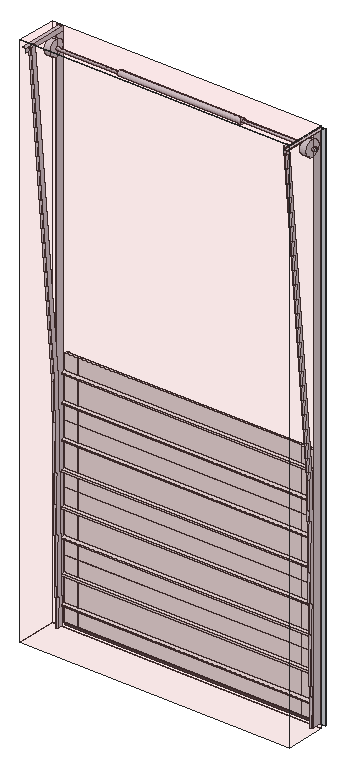
Revit family "Door_Overhead-Sectional_WayneDalton_Thermospan-Vertical-Lift", category Doors, host Wall, Revit 2014
Parameters (values of type "Thermospan 125")
  Water Penetration [instance] = "as Specified"
  Warranty Duration (Years) = 0
  Visual Light Transmittance = 0.1  # constant formula
  URL = "http://www.wayne-dalton.com/Pages/default.aspx"
  U Value = 0.093
  Type Comments = ""
  Track_Top of Track Offset from Headroom [instance] = 0' - 10"
  Track_Sideroom Side A [instance] = 0' - 5"
  Track_Sideroom Side B [instance] = 0' - 5"
  Track_Notes [instance] = "CONFIRM TRACK REQUIREMENTS WITH WAYNE DALTON"  # constant formula
  Track_Inset from Opening [instance] = 0' - 1 1/2"
  Track_Headroom [instance] = 17' - 8"
  Track_Depth [instance] = if(Track_3in, 0' 3", 0' 2")  # 0' - 2"
  Track_Breakaway Starts Below Opening By [instance] = 0' - 8"
  Track_Breakaway Angle [instance] = 5.00°
  Track_Base Depth [instance] = 0' - 4"
  Track_Backroom [instance] = 1' - 6"
  Track_3in [instance] = no
  Thickness = 0' - 0"  # constant formula
  Thermal Resistance (R) = 0.017611  # 0.1000 (h·ft²·°F)/BTU
  Structural Test Pressure [instance] = "as Specified"
  Standards Conformance = "STC Class 21  ;  OITC Class 18  ;  ASTM E 84 Class A  ;  UBC 17-5"
  Spring Size [instance] = 10000
  Specification = "http://www.arcat.com/sdspecs/htm04/08_36_13way.htm"
  SpecWizard = "http://www.arcat.com/specwizard/08360way/index04.htm"
  Solar Heat Gain Coefficient = 0.1  # constant formula
  Send Message = ""
  Seal Color [instance] = Plastic - Black
  Sales Information = "http://www.wayne-dalton.com/Pages/contact.aspx"
  STC Rating = 0
  Rough Width = 0' - 0"  # constant formula
  Rough Height = 0' - 0"  # constant formula
  Revision = "R1_2016-11"
  R-Value = 10.79
  Projection from Host [instance] = 0' - 0"
  Product Properties = ""
  Product Data = "http://www.arcat.com/arcatcos/cos36/arc36462.html"
  Panel Width [instance] = Opening Width + (0' 1" * 2)  # 8' - 2"
  Panel Thickness = 0' - 0 7/8"
  Operation = "as Specified"
  Opening Width [instance] = 8' - 0"
  Opening Height [instance] = 8' - 0"
  Mount to Wood [instance] = yes
  Mount to Steel or Masonry [instance] = no
  Model = "Thermospan 125"
  Max Width = 16' - 2.0004"
  Max Height = 16' - 0.9996"
  Manufacturer Website = "http://www.wayne-dalton.com/Pages/default.aspx"
  Manufacturer Phone - Toll Free = "800-827-3667"
  Manufacturer Phone = ""
  Manufacturer Fax = ""
  Manufacturer Address = "2501 S. State Highway 121 Business,  Suite 200,  Lewisville, TX 75067"
  Manufacturer = "Wayne Dalton"
  Maintenance Schedule (Months) = 0
  Keynote = "08 36 13"
  Interior Finish [instance] = Metal - Steel - Wayne Dalton - White Embossed Stucco
  Installation-Fabrication = ""
  Installation Phase = ""
  Impact Resistance [instance] = "as Specified"
  Height = 0' - 0"  # constant formula
  Heat Transfer Coefficient (U) = 0.56783  # 0.1000 BTU/(h·ft²·°F)
  Green Building-LEED = ""
  Glazing Tint [instance] = Glass - Wayne Dalton - as Specified
  Function = Interior
  Frame Finish [instance] = none
  Fire Rating = "as Specified"
  Fire Performance = "Flash Ignition 734 F  ;  Self Ignition 950"
  Exterior Finish [instance] = Metal - Steel - Wayne Dalton - White Embossed Stucco
  Expected Lifespan (Years) = 0
  Drum_Locate Vertically [instance] = 17' - 1"
  Drum_Locate Depth [instance] = 0' - 5"
  Drawn By = "Sumex Design, Inc. / Robert S. Weygant, CSI, CDT, SCIP"
  Door Panel Type [instance] = Door-Panel_Overhead-Sectional_WayneDalton_Thermospan : No Vision
  Door Operation [instance] = "[Manual][Motorized]"
  Description = "Wayne Dalton Insulated Overhead Sectional Door - Thermospan 125 as Specified"
  Wall Closure = By host
  Width = 0' - 0"  # constant formula
  Cost = 0
  Copyright = "©Arcat Inc."
  Construction Type = ""
  Construction Details = ""
  Clearance Visible [instance] = yes
  Clearance Material [instance] = ARCAT Clearance
  Available Options [instance] = "as Specified"
  Assembly Code = "B2030410"
  Analytic Construction = "<None>"
  Air Infiltration = "as Specified"
Types (4): name | U Value | Standards Conformance | R-Value | Panel Thickness | Model | Max Width | Max Height | Description | Air Infiltration
  Thermospan 150 | 0.07 | "STC Class 22  ;  OITC Class 19  ;  ASTM E 84 Class A  ;  UBC 17-5" | 14.16 | 0' - 1 3/8" | "Thermospan 150" | 26' - 2.0004" | 20' - 0.9996" | "Wayne Dalton Insulated Overhead Sectional Door - Thermospan 150 as Specified" | "0.23 cfm/ft^2 at 15 MPH"
  Thermospan 125 | 0.093 | "STC Class 21  ;  OITC Class 18  ;  ASTM E 84 Class A  ;  UBC 17-5" | 10.79 | 0' - 0 7/8" | "Thermospan 125" | 16' - 2.0004" | 16' - 0.9996" | "Wayne Dalton Insulated Overhead Sectional Door - Thermospan 125 as Specified" | "as Specified"
  Thermospan 200-20 | 0.57 | "STC Class 22  ;  OITC Class 19  ;  ASTM E 84 Class A  ;  UBC 17-5" | 17.5 | 0' - 2" | "Thermospan 200-20" | 24' - 2.0004" | 16' - 0.9996" | "Wayne Dalton Insulated Overhead Sectional Door - Thermospan 200-200 as Specified" | "0.07 cfm/ft^2"
  Thermospan 200 | 0.57 | "STC Class 22  ;  OITC Class 19  ;  ASTM E 84 Class A  ;  UBC 17-5" | 17.5 | 0' - 2" | "Thermospan 200" | 40' - 2.0004" | 32' - 0.9996" | "Wayne Dalton Insulated Overhead Sectional Door - Thermospan 200 as Specified" | "0.07 cfm/ft^2"
Reference planes (in)
  plane 1 "Center (Front/Back)": y = 1.6426
  plane 2: z = 0
  plane 3 "Center (Left/Right)": x = -0.5
  plane 4 "Left": x = -48.5
  plane 5 "Right": x = 47.5
  plane 6 "Bottom": z = 0
  plane 7 "Wall Interior": y = -1.3574
  plane 8 "Wall Exterior": y = 4.6426
  plane 9: z = 96
  plane 10: x = -50
  plane 11: x = 49
  plane 12: y = -1.3574
  plane 13: x = -53.5
  plane 14: x = 52.5
  plane 15: z = 212
  plane 16: x = -24.5
  plane 17: x = 23.5
  plane 18: y = -6.3574
Forms (in)
  Extrusion 1, solid, material "ARCAT Clearance" <- "Clearance Material", visible <- "Clearance Visible"
    sketch origin (-0.5, 0, 0) x (0, 1, 0) y (0, 0, 1)
      loop
        line (-3.3574, 0) -> (-3.3574, 212) -> (-19.3574, 212) -> (-19.3574, 0) -> (-3.3574, 0)
    from -53 to 53
  Revolve 2, solid, material <- "Frame Finish"
    sketch origin (180, -6.3574, 112.12676) x (0, 0, 1) y (1, 0, 0)
      loop
        line (92.87324, -233.5) -> (93.37324, -233.5) -> (93.37324, -232) -> (95.87324, -232) -> (95.87324, -229.5) -> (93.37324, -229.5) -> (93.37324, -204.5) -> (93.87324, -204.5) -> (93.87324, -156.5) -> (93.37324, -156.5) -> (93.37324, -131.5) -> (95.87324, -131.5) -> (95.87324, -129) -> (93.37324, -129) -> (93.37324, -127.5) -> (92.87324, -127.5) -> (92.87324, -233.5)
      axis (92.87324, -127.5) -> (92.87324, -233.5)
    angle from 0 to 360
Lines and regions (in)
  Opening 1
    outline origin (-60, -1.3574, 0) x (1, 0, 0) y (0, 0, 1)
      loop
        line (11.5, 0) -> (107.5, 0) -> (59.5, 0) -> (11.5, 0)
  Opening 2
    outline origin (-60, -1.3574, 0) x (1, 0, 0) y (0, 0, 1)
      loop
        line (11.5, 96) -> (11.5, 0) -> (107.5, 0) -> (107.5, 96) -> (11.5, 96)
Text (in)
  text "EXTERIOR" at (-58.6888, 13.80127, 0), in view "Plan"
  text "INTERIOR" at (-58.6888, -8.43329, 0), in view "Plan"
  text "Exterior" at (0, 43.65631, 123.19604), in view "Left"
  text "Exterior" at (0, 18.29385, 125.04747), in view "Right"
Dimensions and locks (in)
  equal spacing: plane 4 "Left", plane 3 "Center (Left/Right)", plane 5 "Right"
  "Opening Width": plane 4 "Left" to plane 5 "Right"
  "Opening Height": plane 9 to plane 6 "Bottom"
  "Track_Inset from Opening": plane 10 to plane 4 "Left"
  "Track_Inset from Opening": plane 5 "Right" to plane 11
  "Projection from Host": plane 7 "Wall Interior" to plane 12
  "Track_Sideroom Side A": plane 5 "Right" to plane 14
  "Track_Sideroom Side B": plane 13 to plane 4 "Left"
  "Track_Headroom": plane 6 "Bottom" to Extrusion 1 sketch curve
  "Track_Backroom": Extrusion 1 sketch curve to plane 12
  "Track_Headroom": plane 15 to plane 6 "Bottom"
  equal spacing: plane 4 "Left", plane 16, plane 3 "Center (Left/Right)"
  equal spacing: plane 5 "Right", plane 17, plane 3 "Center (Left/Right)"
  "Drum_Locate Depth": plane 18 to plane 12
  locked: Extrusion 1 sketch curve to plane 12 at 2
  "Drum_Locate Vertically": Revolve 2 sketch curve to plane 6 "Bottom"
  Revolve 2 sketch curve to Revolve 2 sketch curve to Revolve 2 sketch curve to Revolve 2 sketch curve to Revolve 2 sketch curve = 0' - 2" locked, 0' - 0 1/2" locked, 0' - 0" locked, 0' - 0 1/2" locked
  Revolve 2 sketch curve to Revolve 2 sketch curve to Revolve 2 sketch curve to Revolve 2 sketch curve = 0' - 2 1/2" locked, 0' - 0" locked, 0' - 0 1/2" locked
  aligned and locked: plane 2 to level
  aligned and locked: plane 6 "Bottom" to plane 2
  aligned and locked: host wall to plane 1 "Center (Front/Back)"
  aligned and locked: plane 7 "Wall Interior" to host wall
  aligned and locked: plane 8 "Wall Exterior" to host wall
  aligned and locked: Opening 2 sketch curve to plane 9
  aligned and locked: Opening 2 sketch curve to plane 4 "Left"
  aligned and locked: Opening 2 sketch curve to plane 6 "Bottom"
  aligned and locked: plane 5 "Right" to Opening 2 sketch curve
  aligned and locked: nested 1 to plane 10
  aligned and locked: nested 2 to plane 11
  aligned and locked: plane 14 to Extrusion 1
  aligned and locked: Extrusion 1 to plane 13
  aligned and locked: plane 16 to Revolve 2 sketch curve
  aligned and locked: plane 17 to Revolve 2 sketch curve
  aligned and locked: plane 14 to Revolve 2 sketch curve
  aligned and locked: plane 13 to Revolve 2 sketch curve
  aligned and locked: nested 3 to plane 12
  aligned and locked: plane 3 "Center (Left/Right)" to nested 3
  aligned and locked: nested 1 to plane 12
  aligned and locked: Revolve 2 sketch curve to Revolve 2 sketch curve
  aligned and locked: plane 12 to nested 2
Automatic sketch dimensions
  Opening 1 sketch curve to plane 3 "Center (Left/Right)" = 0' - 0"  (x2)
  Opening 1 sketch curve to level = 0' - 0"
  plane 4 "Left" to Opening 1 sketch curve = 0' - 0"
  plane 5 "Right" to Opening 1 sketch curve = 0' - 0"
  Extrusion 1 sketch curve to level = 0' - 0"
  plane 13 to Revolve 2 sketch curve = 0' - 0"
  plane 14 to Revolve 2 sketch curve = 0' - 0"
  Revolve 2 sketch curve to Revolve 2 sketch curve = 0' - 1 1/2"
  plane 10 to Revolve 2 sketch curve = 0' - 0 1/2"
  Revolve 2 sketch curve to plane 11 = 0' - 0 1/2"
  Revolve 2 sketch curve to plane 14 = 0' - 1 1/2"
Nested families (in)
  nested 1: "Track_SectionalDoor_Vertical" at (-50, -12.26585, 0), Opening Height <- "Opening Height", Mount to Wood <- "Mount to Wood", Mount to Steel or Concrete <- "Mount to Steel or Masonry", Track_3in <- "Track_3in", Track Material <- "Frame Finish", Backroom <- "Track_Backroom", Track Offset Below Opening <- "Track_Breakaway Starts Below Opening By", Top of Track Offset from Headroom Extent <- "Track_Top of Track Offset from Headroom", type "ByType"
    with VertSlope 1.19349°, Vert Travel 0' - 5.83333", Vert Overall 0' - 9.83333", Track_3in no, TrackOffset 0' - 0", TrackHeight 25' - 8", Track Offset Below Opening 0' - 8", Track Material none, Track Depth 0' - 4", TopLength 18' - 4", Top of Track Offset from Headroom Extent 0' - 10", Opening Height 8' - 0", Mount to Wood yes, Mount to Steel or Concrete no, Breakaway yes, BaseOffset 0' - 1.83333", Backroom_Calc 1' - 6", Backroom 1' - 6"
  nested 2: "Track_SectionalDoor_Vertical" at (49, -12.26585, 0) x (-1, 0, 0) z (0, 0, 1), Opening Height <- "Opening Height", Mount to Wood <- "Mount to Wood", Mount to Steel or Concrete <- "Mount to Steel or Masonry", Track_3in <- "Track_3in", Track Material <- "Frame Finish", Backroom <- "Track_Backroom", Track Offset Below Opening <- "Track_Breakaway Starts Below Opening By", Top of Track Offset from Headroom Extent <- "Track_Top of Track Offset from Headroom", type "ByType"
    with VertSlope 1.19349°, Vert Travel 0' - 5.83333", Vert Overall 0' - 9.83333", Track_3in no, TrackOffset 0' - 0", TrackHeight 25' - 8", Track Offset Below Opening 0' - 8", Track Material none, Track Depth 0' - 4", TopLength 18' - 4", Top of Track Offset from Headroom Extent 0' - 10", Opening Height 8' - 0", Mount to Wood yes, Mount to Steel or Concrete no, Breakaway yes, BaseOffset 0' - 1.83333", Backroom_Calc 1' - 6", Backroom 1' - 6"
  nested 3: "Door-Panel_Overhead-Sectional_WayneDalton_Thermospan" at (-0.5, -1.3574, 0), Unit Width <- "Panel Width", Unit Height <- "Opening Height", Seal Color <- "Seal Color", Glazing Tint <- "Glazing Tint", Exterior Finish <- "Exterior Finish", type <- "Door Panel Type", Interior Finish <- "Interior Finish", Panel Thickness <- "Panel Thickness", type "No Vision"
    with Unit Width 8' - 2", Unit Height 8' - 0", Specific Section Heights no, Section Panel J Height_Control 0' - 6", Section Panel J Height 1' - 9", Section Panel I Height_Control 0' - 6", Section Panel I Height 1' - 9", Section Panel H Height_Control 0' - 6", Section Panel H Height 1' - 9", Section Panel G Height_Control 0' - 6", Section Panel G Height 1' - 9", Section Panel F Height_Control 0' - 6", Section Panel F Height 1' - 9", Section Panel E Height_Control 0' - 6", Section Panel E Height 1' - 9", Section Panel D Height_Control 1' - 11 11/16", Section Panel D Height 1' - 9", Section Panel C Height_Control 1' - 11 11/16", Section Panel C Height 1' - 9", Section Panel B Height_Control 1' - 11 11/16", Section Panel B Height 1' - 9", Section Panel A Height_Control 1' - 11 11/16", Section Panel A Height 1' - 9", Seal Color Plastic - Black, Panel Thickness 0' - 0 7/8", Panel J Visibility no, Panel J Type SectionalPanelRibbedSection : as Specified, Panel I Visibility no, Panel I Type SectionalPanelRibbedSection : as Specified, Panel H Visibility no, Panel H Type SectionalPanelRibbedSection : as Specified, Panel G Visibility no, Panel G Type SectionalPanelRibbedSection : as Specified, Panel F Visibility no, Panel F Type SectionalPanelRibbedSection : as Specified, Panel E Visibility no, Panel E Type SectionalPanelRibbedSection : as Specified, Panel D Visibility yes, Panel D Type SectionalPanelRibbedSection : as Specified, Panel C Visibility yes, Panel C Type SectionalPanelRibbedSection : as Specified, Panel B Visibility yes, Panel B Type SectionalPanelRibbedSection : as Specified, Panel A Visibility yes, Panel A Type SectionalPanelRibbedSection : as Specified, Number of Sections 4, Interior Finish Metal - Steel - Wayne Dalton - White Embossed Stucco, Glazing Type "as Specified", Glazing Tint Glass - Wayne Dalton - as Specified, Glazing Thickness 0' - 0 1/4", Generic_Evenly Divided Sections yes, Exterior Finish Metal - Steel - Wayne Dalton - White Embossed Stucco, End Stile Width 0' - 5", Bottom Seal Height 0' - 1 1/4"
Definition of nested family "Track_SectionalDoor_Vertical"
  Parameters (values of type "ByType")
    Width = 0' - 0"  # constant formula
    Warranty Duration (Years) = 0
    VertSlope [instance] = atan(0.25 / 12)  # 1.19349°
    Vert Travel [instance] = if(Breakaway, Track Depth + (Opening Height - Track Offset Below Opening) * tan(VertSlope), (Opening Height + (Opening Height + 2' 4")) * tan(VertSlope))  # 0' - 5.83333"
    Vert Overall [instance] = Vert Travel + Track Depth  # 0' - 9.83333"
    URL = ""
    TrackOffset [instance] = if(Track_3in, -0' 1", 0' 0")  # 0' - 0"
    TrackHeight [instance] = TopLength + (Opening Height - Track Offset Below Opening)  # 25' - 8"
    Track Offset Below Opening [instance] = 0' - 8"
    Track Material [instance] = none
    Track Depth [instance] = 0' - 4"  # constant formula
    TopLength [instance] = Opening Height + (Opening Height + 2' 4")  # 18' - 4"
    Top of Track Offset from Headroom Extent [instance] = 0' - 9.58403"
    Thickness = 0' - 0"  # constant formula
    Rough Width = 0' - 0"  # constant formula
    Rough Height = 0' - 0"  # constant formula
    Opening Height [instance] = 8' - 0"
    Mount to Wood [instance] = yes
    Mount to Steel or Concrete [instance] = yes
    Model = ""
    Manufacturer = ""
    Maintenance Schedule (Months) = 0
    Keynote = ""
    Installation Phase = ""
    Height = 0' - 0"  # constant formula
    Expected Lifespan (Years) = 0
    Drawn By = "Sumex Design, Inc. / Robert S. Weygant, CSI, CDT, SCIP"
    Description = ""
    Default Elevation = 0' - 0"  # constant formula
    Breakaway [instance] = yes
    BaseOffset [instance] = (Opening Height - Track Offset Below Opening) * tan(VertSlope)  # 0' - 1.83333"
    Track_3in [instance] = no
    Backroom_Calc [instance] = if(Breakaway, Backroom, Vert Overall)  # 1' - 4 7/8"
    Backroom [instance] = 1' - 4 7/8"
    Assembly Code = ""
  Reference planes (in)
    plane 1 "Center (Front/Back)": y = 10.90846
    plane 2: z = 0
    plane 3 "Center (Left/Right)": x = 0
    plane 4: z = 0
    plane 5: z = 0
    plane 6: z = 0
    plane 7: z = 0
    plane 8: z = 0
    plane 9: y = 1.07512
    plane 10 "Bracket": x = -1
    plane 11: z = 96
    plane 12: z = 220
    plane 13: y = 6.90846
    plane 14: z = 88
    plane 15: y = -5.96654
    plane 16: z = 210.41597
  Forms (in)
    Sweep 1, solid, material <- "Track Material"
      path origin (-1, 4.05509, 48) x (0, 1, 0) y (0, 0, 1)
        loop
          line (2.85335, -47.99915) -> (1.02003, 40) -> (-9.21994, 162.41597)
      profile "P_Track : P_Track" origin (-1, 5.99178, 44.00043) x (0, -0.999783, -0.020829) y (1, 0, 0)
        loop
          line (-2, 1) -> (-2, 0) -> (-0.62484, 0) -> (-0.20263, 0.18798)
          arc (-0.20263, 0.18798) -> (0, 0.5) -> (-0.20263, 0.81202) r 0.34155
          line (-0.20263, 0.81202) -> (-0.62484, 1) -> (-0.9375, 1) -> (-2, 1)
    Extrusion 2, solid, material <- "Track Material", visible <- "Mount to Wood"
      sketch origin (0, 0, 0) x (1, 0, 0) y (0, 1, 0)
        loop
          line (-1, 10.90846) -> (-3.25, 10.90846) -> (-3.25, 10.78346) -> (-1.125, 10.78346) -> (-1.125, 7.65846) -> (-1, 7.65846) -> (-1, 10.90846)
      from 0 to 210.41597
    Sweep 3, solid, material <- "Track Material"
      path origin (-1, 4.05509, 48) x (0, 1, 0) y (0, 0, 1)
        loop
          line (-10.02163, 162.41597) -> (6.72837, 162.41597)
      profile origin (-1, 2.40846, 210.41597) x (0, 0, 1) y (1, 0, 0)
        loop
          line (0, 0) -> (-1.48699, 0) -> (-1.48699, -0.125) -> (-0.11199, -0.125) -> (-0.11199, -1.5) -> (0, -1.5) -> (0, 0)
    Extrusion 4, solid, material <- "Track Material", visible <- "Mount to Steel or Concrete"
      sketch origin (-2, 0, 0) x (-1, 0, 0) y (0, -1, 0)
        loop
          line (-0.875, -10.90846) -> (-0.875, -7.65846) -> (-1, -7.65846) -> (-1, -10.78346) -> (-3.125, -10.78346) -> (-3.125, -10.90846) -> (-0.875, -10.90846)
      from 0 to 210.41597
  Lines and regions (in)
    reference lines
      curve 1: line (-1, 6.90846, 0) -> (-1, 3.95076, 141.96919)
      curve 2: line (-1, 5.07512, 88) -> (-1, -5.96654, 220)
      curve 3: line (-1, 5.07512, 88) -> (-1, 3.08208, 87.83328)
  Dimensions and locks (in)
    equal spacing: plane 4, plane 5, plane 6, plane 7, plane 8, level
    "Height": plane 4 to level
    locked: plane 10 "Bracket" to plane 3 "Center (Left/Right)" at 1
    "Opening Height": plane 11 to level
    "Vert Overall": plane 1 "Center (Front/Back)" to plane 9
    "Track Depth": plane 13 to plane 1 "Center (Front/Back)"
    "TopLength": plane 12 to level
    "Track Offset Below Opening": plane 11 to plane 14
    "Backroom_Calc": plane 15 to plane 1 "Center (Front/Back)"
    "Top of Track Offset from Headroom Extent": plane 12 to plane 16
    Extrusion 4 sketch curve to plane 10 "Bracket" to Extrusion 4 sketch curve = 0' - 0 1/8" locked, 0' - 2 1/8" locked
    locked: Extrusion 4 sketch curve to plane 13 at 0.75
    "VertSlope": angle curve 1 to plane 13
    aligned and locked: curve 1 to Sweep 1 sketch curve
    aligned and locked: Sweep 1 sketch curve to curve 2
    aligned and locked: plane 12 to curve 2
    aligned and locked: curve 2 to plane 15
    aligned and locked: plane 16 to Extrusion 2
    aligned and locked: Sweep 3 sketch curve to plane 16
    aligned and locked: plane 15 to Sweep 3 sketch curve
    aligned and locked: plane 16 to Sweep 1 sketch curve
    aligned and locked: plane 16 to Extrusion 4
  Automatic sketch dimensions
    Sweep 1 sketch curve to plane 13 = 0' - 0"
    curve 2 to plane 14 = 0' - 0"
    curve 1 to level = 0' - 0"
    curve 1 to plane 13 = 0' - 0"
    plane 1 "Center (Front/Back)" to Extrusion 2 sketch curve = 0' - 0"
    Extrusion 2 sketch curve to plane 10 "Bracket" = 0' - 0"
    Extrusion 2 sketch curve to Extrusion 2 sketch curve = 0' - 0 1/8"
    Extrusion 2 sketch curve to Extrusion 2 sketch curve = 0' - 2 1/8"
    plane 1 "Center (Front/Back)" to Extrusion 2 sketch curve = 0' - 0 1/8"
    plane 13 to Extrusion 2 sketch curve = 0' - 0 3/4"
    plane 1 "Center (Front/Back)" to Sweep 3 sketch curve = 0' - 0 1/8"
    plane 10 "Bracket" to Sweep 3 sketch curve = 0' - 0"
    Sweep 3 sketch curve to profile plane = 0' - 0"
    profile plane to Sweep 3 sketch curve = 0' - 0.11199"
    Sweep 3 sketch curve to plane 10 "Bracket" = 0' - 0 1/8"
    Sweep 3 sketch curve to Sweep 3 sketch curve = 0' - 1 3/8"  (x2)
    curve 3 to curve 2 = 0' - 0"  (x2)
    curve 2 to curve 3 = 0' - 2"
    plane 1 "Center (Front/Back)" to Extrusion 4 sketch curve = 0' - 0"
    Extrusion 4 sketch curve to plane 10 "Bracket" = 0' - 0"
    Extrusion 4 sketch curve to plane 1 "Center (Front/Back)" = 0' - 0 1/8"
Definition of nested family "Door-Panel_Overhead-Sectional_WayneDalton_Thermospan"
  Parameters (values of type "No Vision")
    Width = 0' - 0"  # constant formula
    Warranty Duration (Years) = 0
    Unit Width [instance] = 10' - 0"
    Unit Height [instance] = 8' - 0"
    URL = ""
    Type Comments = "Customize Panel with parameters and Panel Section instance parameters."  # constant formula
    Thickness = 0' - 0"  # constant formula
    Specification = ""
    Specific Section Heights [instance] = not(Generic_Evenly Divided Sections)  # no
    SpecWizard = ""
    Send Message = ""
    Section Panel J Height_Control [instance] = if(not(Panel J Visibility), 0' 6", if(Generic_Evenly Divided Sections, (Unit Height - Bottom Seal Height) / Number of Sections, Section Panel J Height))  # 0' - 6"
    Section Panel J Height [instance] = 1' - 9"
    Section Panel I Height_Control [instance] = if(not(Panel I Visibility), 0' 6", if(Generic_Evenly Divided Sections, (Unit Height - Bottom Seal Height) / Number of Sections, Section Panel I Height))  # 0' - 6"
    Section Panel I Height [instance] = 1' - 9"
    Section Panel H Height_Control [instance] = if(not(Panel H Visibility), 0' 6", if(Generic_Evenly Divided Sections, (Unit Height - Bottom Seal Height) / Number of Sections, Section Panel H Height))  # 0' - 6"
    Section Panel H Height [instance] = 1' - 9"
    Section Panel G Height_Control [instance] = if(not(Panel G Visibility), 0' 6", if(Generic_Evenly Divided Sections, (Unit Height - Bottom Seal Height) / Number of Sections, Section Panel G Height))  # 0' - 6"
    Section Panel G Height [instance] = 1' - 9"
    Section Panel F Height_Control [instance] = if(not(Panel F Visibility), 0' 6", if(Generic_Evenly Divided Sections, (Unit Height - Bottom Seal Height) / Number of Sections, Section Panel F Height))  # 0' - 6"
    Section Panel F Height [instance] = 1' - 9"
    Section Panel E Height_Control [instance] = if(not(Panel E Visibility), 0' 6", if(Generic_Evenly Divided Sections, (Unit Height - Bottom Seal Height) / Number of Sections, Section Panel E Height))  # 0' - 6"
    Section Panel E Height [instance] = 1' - 9"
    Section Panel D Height_Control [instance] = if(not(Panel D Visibility), 0' 6", if(Generic_Evenly Divided Sections, (Unit Height - Bottom Seal Height) / Number of Sections, Section Panel D Height))  # 1' - 11 11/16"
    Section Panel D Height [instance] = 1' - 9"
    Section Panel C Height_Control [instance] = if(not(Panel C Visibility), 0' 6", if(Generic_Evenly Divided Sections, (Unit Height - Bottom Seal Height) / Number of Sections, Section Panel C Height))  # 1' - 11 11/16"
    Section Panel C Height [instance] = 1' - 9"
    Section Panel B Height_Control [instance] = if(not(Panel B Visibility), 0' 6", if(Generic_Evenly Divided Sections, (Unit Height - Bottom Seal Height) / Number of Sections, Section Panel B Height))  # 1' - 11 11/16"
    Section Panel B Height [instance] = 1' - 9"
    Section Panel A Height_Control [instance] = if(not(Panel A Visibility), 0' 6", if(Generic_Evenly Divided Sections, (Unit Height - Bottom Seal Height) / Number of Sections, Section Panel A Height))  # 1' - 11 11/16"
    Section Panel A Height [instance] = 1' - 9"
    Seal Color [instance] = none
    Sales Information = ""
    Rough Width = 0' - 0"  # constant formula
    Rough Height = 0' - 0"  # constant formula
    Revision = "R1_2016-07"
    Product Properties = ""
    Product Data = ""
    Panel Thickness [instance] = 0' - 2"
    Panel J Visibility [instance] = Number of Sections > 9  # no
    Panel J Type [instance] = SectionalPanelRibbedSection : as Specified
    Panel I Visibility [instance] = Number of Sections > 8  # no
    Panel I Type [instance] = SectionalPanelRibbedSection : as Specified
    Panel H Visibility [instance] = Number of Sections > 7  # no
    Panel H Type [instance] = SectionalPanelRibbedSection : as Specified
    Panel G Visibility [instance] = Number of Sections > 6  # no
    Panel G Type [instance] = SectionalPanelRibbedSection : as Specified
    Panel F Visibility [instance] = Number of Sections > 5  # no
    Panel F Type [instance] = SectionalPanelRibbedSection : as Specified
    Panel E Visibility [instance] = Number of Sections > 4  # no
    Panel E Type [instance] = SectionalPanelRibbedSection : as Specified
    Panel D Visibility [instance] = Number of Sections > 3  # yes
    Panel D Type [instance] = SectionalPanelRibbedSection : as Specified
    Panel C Visibility [instance] = Number of Sections > 2  # yes
    Panel C Type [instance] = SectionalPanelRibbedSection : as Specified
    Panel B Visibility [instance] = Number of Sections > 1  # yes
    Panel B Type [instance] = SectionalPanelRibbedSection : as Specified
    Panel A Visibility [instance] = Number of Sections > 0  # yes
    Panel A Type [instance] = SectionalPanelRibbedSection : as Specified
    Number of Sections [instance] = if(Unit Height < 8' 2", 4, if(Unit Height < 10' 2", 5, if(Unit Height < 12' 2", 6, if(Unit Height < 14' 2", 7, if(Unit Height < 16' 2", 8, if(Unit Height < 18' 2", 9, if(Unit Height < 20' 2", 10, 10)))))))  # 4
    Model = ""
    Manufacturer Website = ""
    Manufacturer Phone - Toll Free = ""
    Manufacturer Phone = ""
    Manufacturer Fax = ""
    Manufacturer Address = ""
    Manufacturer = ""
    Maintenance Schedule (Months) = 0
    Keynote = ""
    Interior Finish [instance] = none
    Installation-Fabrication = ""
    Installation Phase = ""
    Height = 0' - 0"  # constant formula
    Green Building-LEED = ""
    Glazing Type [instance] = "as Specified"
    Glazing Tint [instance] = none
    Glazing Thickness [instance] = 0' - 0 1/4"
    Generic_Evenly Divided Sections [instance] = yes
    Exterior Finish [instance] = none
    Expected Lifespan (Years) = 0
    End Stile Width [instance] = 0' - 5"
    Drawn By = "Sumex Design, Inc. / Robert S. Weygant, CSI, CDT, SCIP"
    Description = ""
    Default Elevation = 0' - 0"  # constant formula
    Cost = 0
    Copyright = "©Arcat Inc."
    Construction Details = ""
    Bottom Seal Height [instance] = 0' - 1 1/4"
    Assembly Code = "B2030410"
  Reference planes (in)
    plane 1 "Center (Front/Back)": y = 0
    plane 2 "Bottom": z = 0
    plane 3 "Center (Left/Right)": x = 0
    plane 4 "Left": x = -60
    plane 5 "Right": x = 60
    plane 6: z = 24.9375
    plane 7: z = 48.625
    plane 8: z = 72.3125
    plane 9: z = 96
    plane 10: z = 102
    plane 11: z = 108
    plane 12: z = 114
    plane 13: z = 120
    plane 14: z = 1.25
    plane 15: y = -2
    plane 16: z = 126
    plane 17: z = 132
  Forms (in)
    Extrusion 1, solid, material <- "Seal Color"
      sketch origin (0, 0, 0) x (0, 1, 0) y (0, 0, 1)
        loop
          line (-0.125, 0.75) -> (-0.125, 1.25) -> (-1.875, 1.25) -> (-1.875, 0.75)
          spline (-1.875, 0.75) -> (-1.84519, 0.55589) -> (-1.75777, 0.375) -> (-1.61872, 0.21967) -> (-1.4375, 0.10048) -> (-1.22647, 0.02556) -> (-1, 0) -> (-0.77353, 0.02556) -> (-0.5625, 0.10048) -> (-0.38128, 0.21967) -> (-0.24223, 0.375) -> (-0.15481, 0.55589) -> (-0.125, 0.75)
      from -60 to 60
  Dimensions and locks (in)
    equal spacing: plane 4 "Left", plane 3 "Center (Left/Right)", plane 5 "Right"
    "Unit Width": plane 4 "Left" to plane 5 "Right"
    "Section Panel A Height_Control": plane 6 to plane 14
    "Section Panel B Height_Control": plane 7 to plane 6
    "Section Panel C Height_Control": plane 8 to plane 7
    "Section Panel D Height_Control": plane 9 to plane 8
    "Section Panel E Height_Control": plane 10 to plane 9
    "Section Panel F Height_Control": plane 11 to plane 10
    "Section Panel G Height_Control": plane 12 to plane 11
    "Section Panel H Height_Control": plane 13 to plane 12
    "Bottom Seal Height": plane 14 to plane 2 "Bottom"
    locked: plane 14 to Extrusion 1 sketch curve at 0.5  (x2)
    locked: plane 2 "Bottom" to Extrusion 1 sketch curve at 0
    locked: Extrusion 1 sketch curve to plane 1 "Center (Front/Back)" at 0.125
    "Panel Thickness": plane 15 to plane 1 "Center (Front/Back)"
    locked: plane 15 to Extrusion 1 sketch curve at 0.125
    "Section Panel I Height_Control": plane 16 to plane 13
    "Section Panel J Height_Control": plane 17 to plane 16
    aligned and locked: plane 3 "Center (Left/Right)" to nested 1
    aligned and locked: plane 1 "Center (Front/Back)" to nested 1
    aligned and locked: plane 1 "Center (Front/Back)" to nested 2
    aligned and locked: plane 1 "Center (Front/Back)" to nested 3
    aligned and locked: nested 4 to plane 1 "Center (Front/Back)"
    aligned and locked: nested 5 to plane 1 "Center (Front/Back)"
    aligned and locked: nested 6 to plane 1 "Center (Front/Back)"
    aligned and locked: nested 7 to plane 1 "Center (Front/Back)"
    aligned and locked: nested 8 to plane 1 "Center (Front/Back)"
    aligned and locked: plane 3 "Center (Left/Right)" to nested 8
    aligned and locked: plane 3 "Center (Left/Right)" to nested 7
    aligned and locked: plane 3 "Center (Left/Right)" to nested 6
    aligned and locked: plane 3 "Center (Left/Right)" to nested 5
    aligned and locked: plane 3 "Center (Left/Right)" to nested 4
    aligned and locked: plane 3 "Center (Left/Right)" to nested 3
    aligned and locked: plane 3 "Center (Left/Right)" to nested 2
    aligned and locked: Extrusion 1 sketch curve to plane 14
    aligned and locked: plane 5 "Right" to Extrusion 1
    aligned and locked: Extrusion 1 to plane 4 "Left"
  Nested families (in)
    nested 1: "SectionalPanelRibbedSection" at (0, 0, 1.25), visible <- "Panel A Visibility", type <- "Panel A Type", End Stile Width <- "End Stile Width", Viewport Glazing <- "Glazing Tint", Viewport Finish <- "Seal Color", Panel Material_Interior <- "Interior Finish", Panel Material_Exterior <- "Exterior Finish", Unit Width <- "Unit Width", Unit Depth <- "Panel Thickness", Unit Height <- "Section Panel A Height_Control", Glazing Thickness <- "Glazing Thickness", type "as Specified"
      with Viewport Glazing none, Viewport Finish none, Unit Width 10' - 0", Unit Height 1' - 11 11/16", Unit Depth 0' - 2", Panel Material_Interior none, Panel Material_Inset Panel none, Panel Material_Exterior none, Glazing Thickness 0' - 0 1/4", End Stile Width 0' - 5"
    nested 2: "SectionalPanelRibbedSection" at (0, 0, 24.9375), visible <- "Panel B Visibility", type <- "Panel B Type", End Stile Width <- "End Stile Width", Viewport Glazing <- "Glazing Tint", Viewport Finish <- "Seal Color", Panel Material_Interior <- "Interior Finish", Panel Material_Exterior <- "Exterior Finish", Unit Width <- "Unit Width", Unit Depth <- "Panel Thickness", Unit Height <- "Section Panel B Height_Control", Glazing Thickness <- "Glazing Thickness", type "as Specified"
      with Viewport Glazing none, Viewport Finish none, Unit Width 10' - 0", Unit Height 1' - 11 11/16", Unit Depth 0' - 2", Panel Material_Interior none, Panel Material_Inset Panel none, Panel Material_Exterior none, Glazing Thickness 0' - 0 1/4", End Stile Width 0' - 5"
    nested 3: "SectionalPanelRibbedSection" at (0, 0, 48.625), visible <- "Panel C Visibility", type <- "Panel C Type", End Stile Width <- "End Stile Width", Viewport Glazing <- "Glazing Tint", Viewport Finish <- "Seal Color", Panel Material_Interior <- "Interior Finish", Panel Material_Exterior <- "Exterior Finish", Unit Width <- "Unit Width", Unit Depth <- "Panel Thickness", Unit Height <- "Section Panel C Height_Control", Glazing Thickness <- "Glazing Thickness", type "as Specified"
      with Viewport Glazing none, Viewport Finish none, Unit Width 10' - 0", Unit Height 1' - 11 11/16", Unit Depth 0' - 2", Panel Material_Interior none, Panel Material_Inset Panel none, Panel Material_Exterior none, Glazing Thickness 0' - 0 1/4", End Stile Width 0' - 5"
    nested 4: "SectionalPanelRibbedSection" at (0, 0, 72.3125), visible <- "Panel D Visibility", type <- "Panel D Type", End Stile Width <- "End Stile Width", Viewport Glazing <- "Glazing Tint", Viewport Finish <- "Seal Color", Panel Material_Interior <- "Interior Finish", Panel Material_Exterior <- "Exterior Finish", Unit Width <- "Unit Width", Unit Depth <- "Panel Thickness", Unit Height <- "Section Panel D Height_Control", Glazing Thickness <- "Glazing Thickness", type "as Specified"
      with Viewport Glazing none, Viewport Finish none, Unit Width 10' - 0", Unit Height 1' - 11 11/16", Unit Depth 0' - 2", Panel Material_Interior none, Panel Material_Inset Panel none, Panel Material_Exterior none, Glazing Thickness 0' - 0 1/4", End Stile Width 0' - 5"
    nested 5: "SectionalPanelRibbedSection" at (0, 0, 96), visible <- "Panel E Visibility", type <- "Panel E Type", End Stile Width <- "End Stile Width", Viewport Glazing <- "Glazing Tint", Viewport Finish <- "Seal Color", Panel Material_Interior <- "Interior Finish", Panel Material_Exterior <- "Exterior Finish", Unit Width <- "Unit Width", Unit Depth <- "Panel Thickness", Unit Height <- "Section Panel E Height_Control", Glazing Thickness <- "Glazing Thickness", type "as Specified"
      with Viewport Glazing none, Viewport Finish none, Unit Width 10' - 0", Unit Height 0' - 6", Unit Depth 0' - 2", Panel Material_Interior none, Panel Material_Inset Panel none, Panel Material_Exterior none, Glazing Thickness 0' - 0 1/4", End Stile Width 0' - 5"
    nested 6: "SectionalPanelRibbedSection" at (0, 0, 102), visible <- "Panel F Visibility", type <- "Panel F Type", End Stile Width <- "End Stile Width", Viewport Glazing <- "Glazing Tint", Viewport Finish <- "Seal Color", Panel Material_Interior <- "Interior Finish", Panel Material_Exterior <- "Exterior Finish", Unit Width <- "Unit Width", Unit Depth <- "Panel Thickness", Unit Height <- "Section Panel F Height_Control", Glazing Thickness <- "Glazing Thickness", type "as Specified"
      with Viewport Glazing none, Viewport Finish none, Unit Width 10' - 0", Unit Height 0' - 6", Unit Depth 0' - 2", Panel Material_Interior none, Panel Material_Inset Panel none, Panel Material_Exterior none, Glazing Thickness 0' - 0 1/4", End Stile Width 0' - 5"
    nested 7: "SectionalPanelRibbedSection" at (0, 0, 108), visible <- "Panel G Visibility", type <- "Panel G Type", End Stile Width <- "End Stile Width", Viewport Glazing <- "Glazing Tint", Viewport Finish <- "Seal Color", Panel Material_Interior <- "Interior Finish", Panel Material_Exterior <- "Exterior Finish", Unit Width <- "Unit Width", Unit Depth <- "Panel Thickness", Unit Height <- "Section Panel G Height_Control", Glazing Thickness <- "Glazing Thickness", type "as Specified"
      with Viewport Glazing none, Viewport Finish none, Unit Width 10' - 0", Unit Height 0' - 6", Unit Depth 0' - 2", Panel Material_Interior none, Panel Material_Inset Panel none, Panel Material_Exterior none, Glazing Thickness 0' - 0 1/4", End Stile Width 0' - 5"
    nested 8: "SectionalPanelRibbedSection" at (0, 0, 114), visible <- "Panel H Visibility", type <- "Panel H Type", End Stile Width <- "End Stile Width", Viewport Glazing <- "Glazing Tint", Viewport Finish <- "Seal Color", Panel Material_Interior <- "Interior Finish", Panel Material_Exterior <- "Exterior Finish", Unit Width <- "Unit Width", Unit Depth <- "Panel Thickness", Unit Height <- "Section Panel H Height_Control", Glazing Thickness <- "Glazing Thickness", type "as Specified"
      with Viewport Glazing none, Viewport Finish none, Unit Width 10' - 0", Unit Height 0' - 6", Unit Depth 0' - 2", Panel Material_Interior none, Panel Material_Inset Panel none, Panel Material_Exterior none, Glazing Thickness 0' - 0 1/4", End Stile Width 0' - 5"
    nested 9: "SectionalPanelRibbedSection" at (0, 0, 120), visible <- "Panel I Visibility", type <- "Panel I Type", End Stile Width <- "End Stile Width", Viewport Glazing <- "Glazing Tint", Viewport Finish <- "Seal Color", Panel Material_Interior <- "Interior Finish", Panel Material_Exterior <- "Exterior Finish", Unit Width <- "Unit Width", Unit Depth <- "Panel Thickness", Unit Height <- "Section Panel I Height_Control", Glazing Thickness <- "Glazing Thickness", type "as Specified"
      with Viewport Glazing none, Viewport Finish none, Unit Width 10' - 0", Unit Height 0' - 6", Unit Depth 0' - 2", Panel Material_Interior none, Panel Material_Inset Panel none, Panel Material_Exterior none, Glazing Thickness 0' - 0 1/4", End Stile Width 0' - 5"
    nested 10: "SectionalPanelRibbedSection" at (0, 0, 126), visible <- "Panel J Visibility", type <- "Panel J Type", End Stile Width <- "End Stile Width", Viewport Glazing <- "Glazing Tint", Viewport Finish <- "Seal Color", Panel Material_Interior <- "Interior Finish", Panel Material_Exterior <- "Exterior Finish", Unit Width <- "Unit Width", Unit Depth <- "Panel Thickness", Unit Height <- "Section Panel J Height_Control", Glazing Thickness <- "Glazing Thickness", type "as Specified"
      with Viewport Glazing none, Viewport Finish none, Unit Width 10' - 0", Unit Height 0' - 6", Unit Depth 0' - 2", Panel Material_Interior none, Panel Material_Inset Panel none, Panel Material_Exterior none, Glazing Thickness 0' - 0 1/4", End Stile Width 0' - 5"
  Definition of nested family "SectionalPanelRibbedSection"
    Parameters (values of type "as Specified")
      Viewport Glazing [instance] = none
      Unit Width [instance] = 5' - 7.06047"
      Unit Height [instance] = 1' - 9"
      Unit Depth [instance] = 0' - 2"
      Viewport Finish [instance] = none
      Panel Material_Interior [instance] = none
      Panel Material_Inset Panel [instance] = none
      Panel Material_Exterior [instance] = none
      Glazing Thickness [instance] = 0' - 0 1/4"
      End Stile Width [instance] = 0' - 3"
      Assembly Code = ""
    Reference planes (in)
      plane 1 "Center (Front/Back)": y = 0
      plane 2: z = 0
      plane 3 "Center (Left/Right)": x = 0
      plane 4: z = 21
      plane 5: y = -2
      plane 6: x = -33.53024
      plane 7: x = 33.53024
      plane 8: z = 14.5
      plane 9: z = 6.5
      plane 10: x = -30.53024
      plane 11: x = 30.53024
      plane 12: y = -0.0625
      plane 13: y = -2.0625
    Forms (in)
      Extrusion 1, solid, material <- "Panel Material_Exterior"
        sketch origin (0, 0, 0) x (0, 1, 0) y (0, 0, 1)
          loop
            line (-0.0625, 21) -> (-2, 21) -> (-2, 0) -> (-0.0625, 0) -> (-0.0625, 0.11146) -> (0, 0.11146) -> (0, 20.9375) -> (-0.0625, 20.9375) -> (-0.0625, 21)
        from -33.53024 to 33.53024
      Extrusion 2, solid, material <- "Panel Material_Exterior"
        sketch origin (0, 0, 0) x (1, 0, 0) y (0, 0, 1)
          loop
            line (-33.53024, 21) -> (-33.53024, 0) -> (-30.53024, 0) -> (-30.53024, 21) -> (-33.53024, 21)
          loop
            line (33.53024, 21) -> (30.53024, 21) -> (30.53024, 0) -> (33.53024, 0) -> (33.53024, 21)
        from 0.0625 to 2.0625
      Extrusion 3, solid, material <- "Panel Material_Interior"
        sketch origin (0, 0, 0) x (0, 1, 0) y (0, 0, 1)
          loop
            line (-2, 14.125) -> (-2, 14.875) -> (-3.75, 14.75) -> (-3.75, 14.25) -> (-2, 14.125)
        from -33.53024 to 33.53024
      Extrusion 4, solid, material <- "Panel Material_Interior"
        sketch origin (0, 0, 0) x (0, 1, 0) y (0, 0, 1)
          loop
            line (-2, 6.875) -> (-3.75, 6.75) -> (-3.75, 6.25) -> (-2, 6.125) -> (-2, 6.875)
        from -33.53024 to 33.53024
    Cuts and joins
      joined: Extrusion 1, Extrusion 2
    Dimensions and locks (in)
      "Unit Height": plane 4 to level
      "Unit Depth": plane 5 to plane 1 "Center (Front/Back)"
      equal spacing: plane 7, plane 3 "Center (Left/Right)", plane 6
      "Unit Width": plane 7 to plane 6
      "End Stile Width": plane 10 to plane 6
      "End Stile Width": plane 7 to plane 11
      locked: plane 4 to Extrusion 1 sketch curve at 0.0625
      locked: plane 4 to plane 8 at 6.5
      locked: plane 9 to plane 2 at 6.5
      locked: Extrusion 3 sketch curve to plane 5 at 1.75
      Extrusion 3 sketch curve to Extrusion 3 sketch curve to plane 8 to Extrusion 3 sketch curve to Extrusion 3 sketch curve = 0' - 0 1/8" locked, 0' - 0 1/4" locked, 0' - 0 1/4" locked, 0' - 0 1/8" locked
      locked: plane 12 to plane 1 "Center (Front/Back)" at 0.0625
      Extrusion 4 sketch curve to Extrusion 4 sketch curve to plane 9 to Extrusion 4 sketch curve to Extrusion 4 sketch curve = 0' - 0 1/8" locked, 0' - 0 1/4" locked, 0' - 0 1/4" locked, 0' - 0 1/8" locked
      locked: Extrusion 4 sketch curve to plane 5 at 1.75
      locked: plane 13 to plane 5 at 0.0625
      aligned and locked: plane 2 to level
      aligned and locked: Extrusion 1 to plane 6
      aligned and locked: plane 7 to Extrusion 1
      aligned and locked: Extrusion 1 sketch curve to plane 4
      aligned and locked: level to Extrusion 1 sketch curve
      aligned and locked: plane 5 to Extrusion 1 sketch curve
      aligned and locked: Extrusion 1 sketch curve to plane 1 "Center (Front/Back)"
      aligned and locked: plane 7 to Extrusion 3
      aligned and locked: Extrusion 3 to plane 6
      aligned and locked: Extrusion 2 to plane 12
      aligned and locked: plane 5 to Extrusion 4 sketch curve
      aligned and locked: plane 7 to Extrusion 4
      aligned and locked: Extrusion 4 to plane 6
      aligned and locked: plane 13 to Extrusion 2
    Automatic sketch dimensions
      Extrusion 1 sketch curve to plane 12 = 0' - 0"  (x2)
      Extrusion 1 sketch curve to Extrusion 1 sketch curve = 0' - 0.11146"
      Extrusion 2 sketch curve to level = 0' - 0"  (x2)
      Extrusion 2 sketch curve to plane 6 = 0' - 0"
      Extrusion 2 sketch curve to plane 10 = 0' - 0"
      Extrusion 2 sketch curve to plane 11 = 0' - 0"
      Extrusion 2 sketch curve to plane 7 = 0' - 0"
      Extrusion 2 sketch curve to plane 4 = 0' - 0"  (x2)
      Extrusion 3 sketch curve to plane 5 = 0' - 0"
